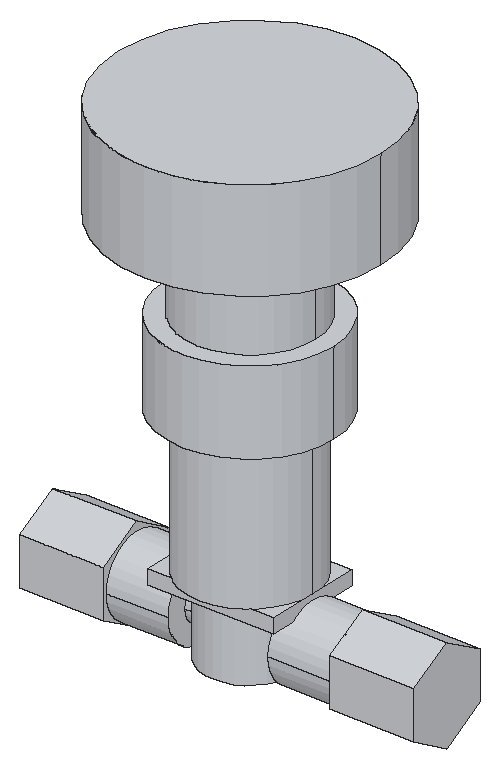
Revit family "304_Cim787(OT)-_", category Pipe Accessories, Revit 2017
Family settings
  Round Connector Dimension = Use Diameter
  Part Type = Valve - Breaks Into
  Work Plane-Based = No
  Always vertical = Yes
  Cut with Voids When Loaded = No
  Shared = No
Parameters (values of type "Cim787(OT)-15")
  magi_piping_given_dp [instance] = 0.0 Pa
  magiProductId = "Cim787(OT)-15"
  magiProductFamilyId = "Cim787(OT)-*"
  magiProductCode = "Cim787(OT)-15"
  magiPartTypeId = 304
  ang2D [instance] = 0.00°
  WW1 = 9.375 mm
  W2D = 15 mm
  VersionID = "2.0/2015.11/CIMBERIO_CIM787DP_Q13_001"
  Use Minimum Symbol Size [instance] = yes
  URL = "www.cimberio.it"
  R1 = 9 mm
  R = 7.5 mm
  QmdConnectorList = "301;D;302;D"
  Productdata [instance] = "© Progman Oy, all rights reserved"
  Manufacturer = "Cimberio"
  MC_Default_elevation = 0 mm
  LL4 = 12 mm
  LL3__ve = -LL3  # -1.625 mm
  LL3 = 1.625 mm
  LL2__ve = -LL2  # -12 mm
  LL2 = 12 mm
  LL1 = 37.5 mm
  L2D_Min = 3048 mm
  L2D = 75 mm
  HH7 = 19 mm
  HH6 = 17 mm
  HH5 = 15.84 mm
  HH4 = 27.82 mm
  HH3 = 2.64 mm
  HH2 = 12.3 mm
  HH1 = 6.6 mm
  F = 50 mm
  Description = "BALANCING VALVE - VARIABLE ORIFICE - PN 25"
  DL__ve = -DL  # -16 mm
  DL = 16 mm
  DD4 = 25 mm
  DD3 = 32 mm
  DD2 = 24 mm
  DD1 = 17.25 mm
  D = 15 mm
  CenSd_R1_6 = R1 * cos(30.00°)  # 7.794 mm
  CAT0 = yes
Types (6, lengths in mm): name | magiProductId | magiProductCode | WW1 | W2D | R1 | R | LL4 | LL3__ve | LL3 | LL2__ve | LL2 | LL1 | L2D | HH5 | HH4 | HH3 | HH2 | HH1 | DL__ve | DL | DD2 | DD1 | D | CenSd_R1_6
  Cim787(OT)-15 | "Cim787(OT)-15" | "Cim787(OT)-15" | 9.375 | 15 | 9 | 7.5 | 12 | -1.625 | 1.625 | -12 | 12 | 37.5 | 75 | 15.84 | 27.82 | 2.64 | 12.3 | 6.6 | -16 | 16 | 24 | 17.25 | 15 | 7.794
  Cim787(OT)-50 | "Cim787(OT)-50" | "Cim787(OT)-50" | 15.5 | 50 | 30 | 25 | 19.84 | -3.14 | 3.14 | -19.84 | 19.84 | 62 | 124 | 18 | 24 | 3 | 41 | 22 | -26 | 26 | 39.68 | 28.52 | 50 | 25.981
  Cim787(OT)-40 | "Cim787(OT)-40" | "Cim787(OT)-40" | 14.375 | 40 | 24 | 20 | 18.4 | -4.025 | 4.025 | -18.4 | 18.4 | 57.5 | 115 | 17.82 | 27.01 | 2.97 | 32.8 | 17.6 | -23 | 23 | 36.8 | 26.45 | 40 | 20.785
  Cim787(OT)-32 | "Cim787(OT)-32" | "Cim787(OT)-32" | 13.5 | 32 | 19.2 | 16 | 17.28 | -3.38 | 3.38 | -17.28 | 17.28 | 54 | 108 | 17.82 | 30.05 | 2.97 | 26.24 | 14.08 | -22 | 22 | 34.56 | 24.84 | 32 | 16.628
  Cim787(OT)-25 | "Cim787(OT)-25" | "Cim787(OT)-25" | 10.875 | 25 | 15 | 12.5 | 13.92 | -0.555 | 0.555 | -13.92 | 13.92 | 43.5 | 87 | 16.56 | 27.18 | 2.76 | 20.5 | 11 | -21 | 21 | 27.84 | 20.01 | 25 | 12.99
  Cim787(OT)-20 | "Cim787(OT)-20" | "Cim787(OT)-20" | 10 | 20 | 12 | 10 | 12.8 | -0.2 | 0.2 | -12.8 | 12.8 | 40 | 80 | 16.2 | 27.5 | 2.7 | 16.4 | 8.8 | -19 | 19 | 25.6 | 18.4 | 20 | 10.392
Reference planes
  plane 1 "Center (Front/Back)": y = 0
  plane 2 "XYPLANE": z = 0
  plane 3 "Center (Left/Right)": x = 0
  plane 4 "INIT_TEMP": y = 100
  plane 5 "144": x = 0
  plane 6 "143": y = 0
  plane 7 "142": z = 0
  plane 8 "141": x = -37.5
  plane 9 "140": x = 37.5
  plane 10 "139": x = -21.5
  plane 11 "138": x = 21.5
  plane 12 "137": x = -9.5
  plane 13 "136": x = 9.5
  plane 14 "135": z = -6.6
  plane 15 "134": z = 5.7
  plane 16 "133": x = 12
  plane 17 "132": x = -12
  plane 18 "131": y = 9.375
  plane 19 "130": y = -9.375
  plane 20 "129": z = 8.34
  plane 21 "128": z = 36.16
  plane 22 "127": z = 52
  plane 23 "126": z = 69
Forms (mm)
  Extrusion 1, solid, visible <- "CAT0"
    sketch origin (-37.5, -750, 0) x (0, 1, 0) y (0, 0, 1)
      loop
        line (750, 9) -> (742.206, 4.5) -> (742.206, -4.5) -> (750, -9) -> (757.794, -4.5) -> (757.794, 4.5) -> (750, 9)
    from 0 to 16 <- "DL"
  Extrusion 2, solid, visible <- "CAT0"
    sketch origin (37.5, -750, 0) x (0, 1, 0) y (0, 0, 1)
      loop
        line (750, 9) -> (742.206, 4.5) -> (742.206, -4.5) -> (750, -9) -> (757.794, -4.5) -> (757.794, 4.5) -> (750, 9)
    from 0 to -16 <- "DL__ve"
  Extrusion 3, solid, visible <- "CAT0"
    sketch origin (-21.5, -750, 0) x (0, 1, 0) y (0, 0, 1)
      loop
        circle (750, 0) r 7.5
    from 0 to 12 <- "LL2"
  Extrusion 4, solid, visible <- "CAT0"
    sketch origin (21.5, -750, 0) x (0, 1, 0) y (0, 0, 1)
      loop
        circle (750, 0) r 7.5
    from 0 to -12 <- "LL2__ve"
  Extrusion 5, solid, visible <- "CAT0"
    sketch origin (-9.5, -750, 0) x (0, 1, 0) y (0, 0, 1)
      loop
        circle (750, 0) r 3.75
    from 0 to 1.625 <- "LL3"
  Extrusion 6, solid, visible <- "CAT0"
    sketch origin (9.5, -750, 0) x (0, 1, 0) y (0, 0, 1)
      loop
        circle (750, 0) r 3.75
    from 0 to -1.625 <- "LL3__ve"
  Extrusion 7, solid, visible <- "CAT0"
    sketch origin (-750, 0, 5.7) x (1, 0, 0) y (0, 1, 0)
      loop
        line (738, 9.375) -> (738, -9.375) -> (762, -9.375) -> (762, 9.375) -> (738, 9.375)
    from 0 to 2.64 <- "HH3"
  Extrusion 8, solid, visible <- "CAT0"
    sketch origin (-750, 0, -6.6) x (1, 0, 0) y (0, 1, 0)
      loop
        circle (750, 0) r 8.625
    from 0 to 12.3 <- "HH2"
  Extrusion 9, solid, visible <- "CAT0"
    sketch origin (-750, 0, 8.34) x (1, 0, 0) y (0, 1, 0)
      loop
        circle (750, 0) r 12
    from 0 to 27.82 <- "HH4"
  Extrusion 10, solid, visible <- "CAT0"
    sketch origin (-750, 0, 36.16) x (1, 0, 0) y (0, 1, 0)
      loop
        circle (750, 0) r 16
    from 0 to 15.84 <- "HH5"
  Extrusion 11, solid, visible <- "CAT0"
    sketch origin (-750, 0, 52) x (1, 0, 0) y (0, 1, 0)
      loop
        circle (750, 0) r 12.5
    from 0 to 17 <- "HH6"
  Extrusion 12, solid, visible <- "CAT0"
    sketch origin (-750, 0, 69) x (1, 0, 0) y (0, 1, 0)
      loop
        circle (750, 0) r 25
    from 0 to 19 <- "HH7"
  Extrusion 13, solid, not visible
    sketch origin (37.5, -750, 0) x (0, 1, 0) y (0, 0, 1)
      loop
        circle (750, 0) r 10
    from 0 to -10
  Extrusion 14, solid, not visible
    sketch origin (-37.5, -750, 0) x (0, 1, 0) y (0, 0, 1)
      loop
        circle (750, 0) r 10
    from 0 to 10
Lines and regions (mm)
  reference lines
    curve 1: circle (-37.5, 0, 0) r 1 normal (1, 0, 0)
    curve 2: circle (37.5, 0, 0) r 1 normal (-1, 0, 0)
Text (mm)
  text "© Progman Oy, all rights reserved" at (-472.209, -2482.653, 0), in view "Ref. Level"
Dimensions and locks
  plane 4 "INIT_TEMP" to plane 1 "Center (Front/Back)" = 100 mm
  locked: plane 3 "Center (Left/Right)" to plane 5 "144"
  locked: plane 1 "Center (Front/Back)" to plane 6 "143"
  locked: plane 2 "XYPLANE" to plane 7 "142"
  "LL1": plane 3 "Center (Left/Right)" to plane 8 "141"
  "LL1": plane 3 "Center (Left/Right)" to plane 9 "140"
  "DL": plane 8 "141" to plane 10 "139"
  "DL": plane 9 "140" to plane 11 "138"
  "LL2": plane 10 "139" to plane 12 "137"
  "LL2": plane 11 "138" to plane 13 "136"
  "HH1": plane 2 "XYPLANE" to plane 14 "135"
  "HH2": plane 14 "135" to plane 15 "134"
  "LL4": plane 3 "Center (Left/Right)" to plane 16 "133"
  "LL4": plane 3 "Center (Left/Right)" to plane 17 "132"
  "WW1": plane 1 "Center (Front/Back)" to plane 18 "131"
  "WW1": plane 1 "Center (Front/Back)" to plane 19 "130"
  "HH3": plane 15 "134" to plane 20 "129"
  "HH4": plane 20 "129" to plane 21 "128"
  "HH5": plane 21 "128" to plane 22 "127"
  "HH6": plane 22 "127" to plane 23 "126"
  "CenSd_R1_6": curve 1 to Extrusion 1 sketch curve  (x6)
  "R1": curve 1 to Extrusion 1 sketch curve  (x6)
  "CenSd_R1_6": curve 2 to Extrusion 2 sketch curve  (x6)
  "R1": curve 2 to Extrusion 2 sketch curve  (x6)
  "R": radius of Extrusion 3 sketch curve
  "R": radius of Extrusion 4 sketch curve
  "R": diameter of Extrusion 5 sketch curve
  "R": diameter of Extrusion 6 sketch curve
  "DD1": diameter of Extrusion 8 sketch curve
  "DD2": diameter of Extrusion 9 sketch curve
  "DD3": diameter of Extrusion 10 sketch curve
  "DD4": diameter of Extrusion 11 sketch curve
  "F": diameter of Extrusion 12 sketch curve
  aligned and locked: level to plane 2 "XYPLANE"
  aligned and locked: curve 1 to plane 6 "143"
  aligned and locked: plane 7 "142" to curve 1
  aligned and locked: curve 2 to plane 6 "143"
  aligned and locked: plane 7 "142" to curve 2
  aligned and locked: Extrusion 3 sketch curve to plane 6 "143"
  aligned and locked: plane 7 "142" to Extrusion 3 sketch curve
  aligned and locked: Extrusion 4 sketch curve to plane 6 "143"
  aligned and locked: plane 7 "142" to Extrusion 4 sketch curve
  aligned and locked: Extrusion 5 sketch curve to plane 6 "143"
  aligned and locked: plane 7 "142" to Extrusion 5 sketch curve
  aligned and locked: Extrusion 6 sketch curve to plane 6 "143"
  aligned and locked: plane 7 "142" to Extrusion 6 sketch curve
  aligned and locked: Extrusion 7 sketch curve to plane 18 "131"
  aligned and locked: plane 17 "132" to Extrusion 7 sketch curve  (x2)
  aligned and locked: plane 16 "133" to Extrusion 7 sketch curve  (x2)
  aligned and locked: plane 18 "131" to Extrusion 7 sketch curve
  aligned and locked: plane 19 "130" to Extrusion 7 sketch curve  (x2)
  aligned and locked: plane 5 "144" to Extrusion 8 sketch curve
  aligned and locked: plane 6 "143" to Extrusion 8 sketch curve
  aligned and locked: plane 5 "144" to Extrusion 9 sketch curve
  aligned and locked: plane 6 "143" to Extrusion 9 sketch curve
  aligned and locked: plane 5 "144" to Extrusion 10 sketch curve
  aligned and locked: plane 6 "143" to Extrusion 10 sketch curve
  aligned and locked: plane 5 "144" to Extrusion 11 sketch curve
  aligned and locked: plane 6 "143" to Extrusion 11 sketch curve
  aligned and locked: plane 5 "144" to Extrusion 12 sketch curve
  aligned and locked: plane 6 "143" to Extrusion 12 sketch curve
  aligned and locked: Extrusion 13 sketch curve to plane 6 "143"
  aligned and locked: plane 7 "142" to Extrusion 13 sketch curve
  aligned and locked: Extrusion 14 sketch curve to plane 6 "143"
  aligned and locked: plane 7 "142" to Extrusion 14 sketch curve
Automatic sketch dimensions
  Extrusion 13 sketch curve to plane 19 "130" = 0.625 mm
  Extrusion 14 sketch curve to plane 19 "130" = 0.625 mm
  radius of curve 1 = 1 mm
  radius of curve 2 = 1 mm
Connectors
  piping at (-37.5, 0, 0), diameter 15, driven by "D"
    settings: on Extrusion 14, index 1, connector inside diameter 609.6 mm, connector length 0 mm, flow factor 0, pipe flow 0.0 L/s, pressure drop 0.0 Pa, fitting loss kfactor 0, connector angle 0.00°, fixture units 0, engagement length 0 mm, angle of deflection 0.00°, flow configuration 0, flow direction 0, fitting loss method 0, system type 29, joint type 0, gender type 0, connector reference index 2, connector utility 0, adjustable connector no, is connector primary yes, connector description ""
  piping at (37.5, 0, 0), diameter 15, driven by "D"
    settings: on Extrusion 13, index 2, connector inside diameter 609.6 mm, connector length 0 mm, flow factor 0, pipe flow 0.0 L/s, pressure drop 0.0 Pa, fitting loss kfactor 0, connector angle 0.00°, fixture units 0, engagement length 0 mm, angle of deflection 0.00°, flow configuration 0, flow direction 0, fitting loss method 0, system type 29, joint type 0, gender type 0, connector reference index 1, connector utility 0, adjustable connector no, is connector primary no, connector description ""
